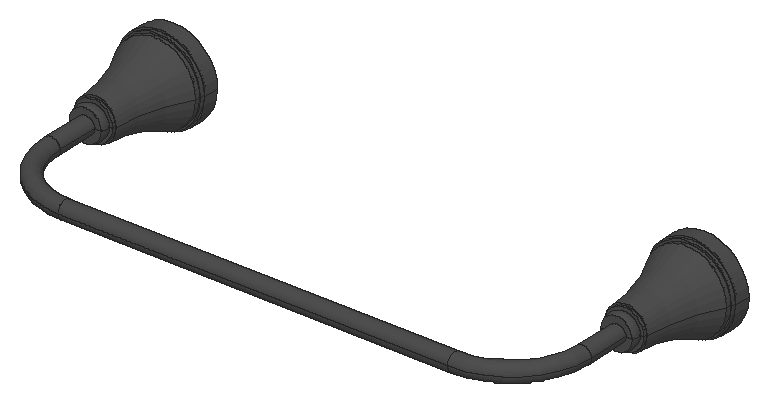
Revit family "Reece_Accessory_Kado_Era_Single Towel Rail", category Plumbing Fixtures, Revit 2018
Family settings
  Round Connector Dimension = Use Diameter
  Part Type = Normal
  Work Plane-Based = Yes
  Always vertical = Yes
  Cut with Voids When Loaded = Yes
  Shared = Yes
  Room Calculation Point = Yes
Parameters (values of type "300 mm_Matte Black")
  URL = "https://www.reece.com.au/product/-2263723"
  Type Comments = "Accessory"
  Reece_Product_Web Page = "https://www.reece.com.au/product/-2263723"
  Reece_Product_Type = "Accessory"  # constant formula
  Reece_Product_Sub Brand = "Era"  # constant formula
  Reece_Product_Number = "2263723"
  Reece_Product_Mount = "Wall Mounted"
  Reece_Product_Description = "Kado Era Single Towel Rail 300mm Matte Black"
  Reece_Product_Brand = "Kado"  # constant formula
  Reece_Overall_Width = 131 mm  # constant formula
  Reece_Overall_Length = 350 mm
  Reece_Overall_Height = 50 mm  # constant formula
  Reece_Material_Main = Reece_Brass_Matte Black
  Reece_Height_From_Level [instance] = 1000 mm
  Reece_Fixing_Point_Width = 300 mm
  Reece_Detail_Installation = "Wall Mounted"  # constant formula
  Reece_Detail_Disclaimer = "THIS FILE IS THE PROPERTY OF THE REECE GROUP. IT MAY NOT BE REPRODUCED, REVERSE-ENGINEERED OR MODIFIED. ANY REPUBLICATION, TRANSMISSION OR DISTRIBUTION FOR THE PURPOSE OF COMMERCIALLY EXPLOITING THE FILES IS PROHIBITED."  # constant formula
  Reece_Detail_Additional = "Single Towel Rail"  # constant formula
  Model = "Era"
  Manufacturer = "Kado"
  Keynote = "Product #2263723, Reece_Accessory_Kado_Era_Single Towel Rail - 300 mm_Matte Black"
  Disclaimer = "THIS FILE IS THE PROPERTY OF THE REECE GROUP. IT MAY NOT BE REPRODUCED, REVERSE-ENGINEERED OR MODIFIED. ANY REPUBLICATION, TRANSMISSION OR DISTRIBUTION FOR THE PURPOSE OF COMMERCIALLY EXPLOITING THE FILES IS PROHIBITED."  # constant formula
  Description = "Kado Era Single Towel Rail 300mm Matte Black"
  Default Elevation = 0 mm
Types (16, lengths in mm): name | URL | Reece_Product_Web Page | Reece_Product_Number | Reece_Product_Description | Reece_Overall_Length | Reece_Material_Main | Reece_Fixing_Point_Width | Keynote | Description
  (no name) | "https://www.reece.com.au/product/-9512109" | "https://www.reece.com.au/product/-9512109" | "9512109" | "Kado Era Single Towel Rail 300mm Brushed Nickel" | 350 | Reece_Brass_Brushed Nickel | 300 | "Product #9512109, Reece_Accessory_Kado_Era_Single Towel Rail -  " | "Kado Era Single Towel Rail 300mm Brushed Nickel"
  750 mm_Chrome | "https://www.reece.com.au/product/-9507715" | "https://www.reece.com.au/product/-9507715" | "9507715" | "Kado Era Single Towel Rail 750mm Chrome" | 800 | Reece_Brass_Chrome | 750 | "Product #9507715, Reece_Accessory_Kado_Era_Single Towel Rail - 750 mm_Chrome" | "Kado Era Single Towel Rail 750mm Chrome"
  750 mm_Matte Black | "https://www.reece.com.au/product/-2263725" | "https://www.reece.com.au/product/-2263725" | "2263725" | "Kado Era Single Towel Rail 750mm Matte Black" | 800 | Reece_Brass_Matte Black | 750 | "Product #2263725, Reece_Accessory_Kado_Era_Single Towel Rail - 750 mm_Matte Black" | "Kado Era Single Towel Rail 750mm Matte Black"
  900 mm_Brass Gold | "https://www.reece.com.au/product/-9507716" | "https://www.reece.com.au/product/-9507716" | "9507716" | "Kado Era Single Towel Rail 900mm Brass Gold" | 950 | Reece_Brass_Gold | 900 | "Product #9507716, Reece_Accessory_Kado_Era_Single Towel Rail - 900 mm_Brass Gold" | "Kado Era Single Towel Rail 900mm Brass Gold"
  750 mm_Brass Gold | "https://www.reece.com.au/product/-9507714" | "https://www.reece.com.au/product/-9507714" | "9507714" | "Kado Era Single Towel Rail 750mm Brass Gold" | 800 | Reece_Brass_Gold | 750 | "Product #9507714, Reece_Accessory_Kado_Era_Single Towel Rail - 750 mm_Brass Gold" | "Kado Era Single Towel Rail 750mm Brass Gold"
  900 mm_Chrome | "https://www.reece.com.au/product/-9507717" | "https://www.reece.com.au/product/-9507717" | "9507717" | "Kado Era Single Towel Rail 900mm Chrome" | 950 | Reece_Brass_Chrome | 900 | "Product #9507717, Reece_Accessory_Kado_Era_Single Towel Rail - 900 mm_Chrome" | "Kado Era Single Towel Rail 900mm Chrome"
  300 mm_Brass Gold | "https://www.reece.com.au/product/-9507724" | "https://www.reece.com.au/product/-9507724" | "9507724" | "Kado Era Single Towel Rail 300mm Brass Gold" | 350 | Reece_Brass_Gold | 300 | "Product #9507724, Reece_Accessory_Kado_Era_Single Towel Rail - 300 mm_Brass Gold" | "Kado Era Single Towel Rail 300mm Brass Gold"
  300 mm_Chrome | "https://www.reece.com.au/product/-9507725" | "https://www.reece.com.au/product/-9507725" | "9507725" | "Kado Era Single Towel Rail 300mm Chrome" | 350 | Reece_Brass_Chrome | 300 | "Product #9507725, Reece_Accessory_Kado_Era_Single Towel Rail - 300 mm_Chrome" | "Kado Era Single Towel Rail 300mm Chrome"
  300 mm_Matte Black | "https://www.reece.com.au/product/-2263723" | "https://www.reece.com.au/product/-2263723" | "2263723" | "Kado Era Single Towel Rail 300mm Matte Black" | 350 | Reece_Brass_Matte Black | 300 | "Product #2263723, Reece_Accessory_Kado_Era_Single Towel Rail - 300 mm_Matte Black" | "Kado Era Single Towel Rail 300mm Matte Black"
  600 mm_Chrome | "https://www.reece.com.au/product/-9507713" | "https://www.reece.com.au/product/-9507713" | "9507713" | "Kado Era Single Towel Rail 600mm Chrome" | 650 | Reece_Brass_Chrome | 600 | "Product #9507713, Reece_Accessory_Kado_Era_Single Towel Rail - 600 mm_Chrome" | "Kado Era Single Towel Rail 600mm Chrome"
  600 mm_Brass Gold | "https://www.reece.com.au/product/-9507712" | "https://www.reece.com.au/product/-9507712" | "9507712" | "Kado Era Single Towel Rail 600mm Brass Gold" | 650 | Reece_Brass_Gold | 600 | "Product #9507712, Reece_Accessory_Kado_Era_Single Towel Rail - 600 mm_Brass Gold" | "Kado Era Single Towel Rail 600mm Brass Gold"
  600 mm_Matte Black | "https://www.reece.com.au/product/-2263724" | "https://www.reece.com.au/product/-2263724" | "2263724" | "Kado Era Single Towel Rail 600mm Matte Black" | 650 | Reece_Brass_Matte Black | 600 | "Product #2263724, Reece_Accessory_Kado_Era_Single Towel Rail - 600 mm_Matte Black" | "Kado Era Single Towel Rail 600mm Matte Black"
  300 mm_Brushed Nickel | "https://www.reece.com.au/product/-9512109" | "https://www.reece.com.au/product/-9512109" | "9512109" | "Kado Era Single Towel Rail 300mm Brushed Nickel" | 350 | Reece_Brass_Brushed Nickel | 300 | "Product #9512109, Reece_Accessory_Kado_Era_Single Towel Rail - 300 mm_Brushed Nickel" | "Kado Era Single Towel Rail 300mm Brushed Nickel"
  600 mm_Brushed Nickel | "https://www.reece.com.au/product/-9512110" | "https://www.reece.com.au/product/-9512110" | "9512110" | "Kado Era Single Towel Rail 600mm Brushed Nickel" | 650 | Reece_Brass_Brushed Nickel | 600 | "Product #9512110, Reece_Accessory_Kado_Era_Single Towel Rail - 600 mm_Brushed Nickel" | "Kado Era Single Towel Rail 600mm Brushed Nickel"
  750 mm_Brushed Nickel | "https://www.reece.com.au/product/-9512111" | "https://www.reece.com.au/product/-9512111" | "9512111" | "Kado Era Single Towel Rail 750mm Brushed Nickel" | 800 | Reece_Brass_Brushed Nickel | 750 | "Product #9512111, Reece_Accessory_Kado_Era_Single Towel Rail - 750 mm_Brushed Nickel" | "Kado Era Single Towel Rail 750mm Brushed Nickel"
  900 mm_Brushed Nickel | "https://www.reece.com.au/product/-9512112" | "https://www.reece.com.au/product/-9512112" | "9512112" | "Kado Era Single Towel Rail 900mm Brushed Nickel" | 950 | Reece_Brass_Brushed Nickel | 900 | "Product #9512112, Reece_Accessory_Kado_Era_Single Towel Rail - 900 mm_Brushed Nickel" | "Kado Era Single Towel Rail 900mm Brushed Nickel"
Reference planes
  plane 1 "Center (Front/Back)": y = 0
  plane 2 "Bottom Host Plane": z = -5
  plane 3 "Center (Left/Right)": x = 0
  plane 4 "Height From Floor": z = 1000
  plane 5 "Top": z = 1025
  plane 6 "Bottom": z = 975
  plane 7: y = -131
  plane 8: x = -150
  plane 9: x = 150
  plane 10: x = -175
  plane 11: x = 175
Forms (mm)
  Sweep 1, solid, material "Reece_Brass_Matte Black" <- "Reece_Material_Main"
    path origin (0, 0, 1000) x (-1, 0, 0) y (0, -1, 0)
      loop
        line (155, 61) -> (155, 86)
        arc (155, 86) -> (141.82, 117.82) -> (110, 131) r 45
        line (110, 131) -> (-110, 131)
        arc (-110, 131) -> (-141.82, 117.82) -> (-155, 86) r 45
        line (-155, 86) -> (-155, 61)
    profile origin (-155, -73.5, 1000) x (1, 0, 0) y (0, 0, 1)
      loop
        circle (5, 0) r 5
  Revolve 2, solid, material "Reece_Brass_Matte Black" <- "Reece_Material_Main"
    sketch origin (79.75, 0, 1000) x (-1, 0, 0) y (0, -1, 0)
      loop
        line (254.75, 0) -> (254.75, 8.5) -> (253.95, 8.5) -> (253.95, 10.5) -> (252.95, 10.5) -> (252.95, 12.8)
        arc (252.95, 12.8) -> (244.69, 33.044) -> (241.675, 54.7) r 88
        line (241.675, 54.7) -> (240.8, 54.7) -> (240.8, 56.2) -> (238.65, 56.2)
        arc (238.65, 56.2) -> (239.2, 58.925) -> (238.65, 61.65) r 7.026
        line (238.65, 61.65) -> (229.75, 61.65) -> (229.75, 0) -> (254.75, 0)
      axis (229.75, 0) -> (229.75, 61.65)
    angle from 0 to 360
  Revolve 3, solid, material "Reece_Brass_Matte Black" <- "Reece_Material_Main"
    sketch origin (-79.75, 0, 1000) x (-1, 0, 0) y (0, -1, 0)
      loop
        line (-254.75, 0) -> (-229.75, 0) -> (-229.75, 61.65) -> (-238.65, 61.65)
        arc (-238.65, 61.65) -> (-239.2, 58.925) -> (-238.65, 56.2) r 7.026
        line (-238.65, 56.2) -> (-240.8, 56.2) -> (-240.8, 54.7) -> (-241.675, 54.7)
        arc (-241.675, 54.7) -> (-244.69, 33.044) -> (-252.95, 12.8) r 88
        line (-252.95, 12.8) -> (-252.95, 10.5) -> (-253.95, 10.5) -> (-253.95, 8.5) -> (-254.75, 8.5) -> (-254.75, 0)
      axis (-229.75, 0) -> (-229.75, 61.65)
    angle from 0 to 360
Cuts and joins
  joined: Sweep 1, Revolve 2, Revolve 3
Lines and regions (mm)
  model lines, style "InvisibleLines"
    curve 1: line (0, 0, -5) -> (0, 0, 1000)
Text (mm)
  text "Reece ©" at (2668.853, -2395.367, 2952.593), in view "Reece Preview"
  text "Reece Copyright © 2018, Reece Ltd." at (-247.475, -190.626, 0), in view "Ref. Level"
Dimensions and locks
  plane 2 "Bottom Host Plane" to level = 5 mm
  locked: level to plane 2 "Bottom Host Plane" at 5
  "Reece_Height_From_Level": plane 4 "Height From Floor" to level
  "Reece_Overall_Height": plane 5 "Top" to plane 6 "Bottom"
  equal spacing: plane 8, plane 3 "Center (Left/Right)", plane 9
  "Reece_Fixing_Point_Width": plane 8 to plane 9
  locked: plane 5 "Top" to plane 4 "Height From Floor" at 25
  "Reece_Overall_Width": plane 7 to plane 1 "Center (Front/Back)"
  "Reece_Overall_Length": plane 11 to plane 10
  equal spacing: plane 11, plane 3 "Center (Left/Right)", plane 10
  aligned and locked: plane 2 "Bottom Host Plane" to curve 1
  aligned and locked: plane 4 "Height From Floor" to curve 1
Automatic sketch dimensions
  curve 1 to plane 3 "Center (Left/Right)" = 0 mm
  plane 1 "Center (Front/Back)" to Revolve 3 sketch curve = 0 mm
  Revolve 3 sketch curve to plane 9 = 0 mm  (x2)
  Revolve 3 sketch curve to Revolve 3 sketch curve = 2.15 mm
  Revolve 3 sketch curve to Revolve 3 sketch curve = 0.875 mm
  plane 1 "Center (Front/Back)" to Revolve 3 sketch curve = 12.8 mm
  Revolve 3 sketch curve to Revolve 3 sketch curve = 1 mm
  Revolve 3 sketch curve to Revolve 3 sketch curve = 0.8 mm
  plane 1 "Center (Front/Back)" to Revolve 3 sketch curve = 55.911 mm
  Revolve 3 sketch curve to Revolve 3 sketch curve = 76.717 mm
  Revolve 3 sketch curve to Revolve 3 sketch curve = 4.3 mm
  Revolve 3 sketch curve to Revolve 3 sketch curve = 2 mm
  Revolve 3 sketch curve to Revolve 3 sketch curve = 1.5 mm
  Revolve 3 sketch curve to Revolve 3 sketch curve = 2.725 mm
  Revolve 3 sketch curve to plane 1 "Center (Front/Back)" = 12.283 mm
  plane 7 to Revolve 3 sketch curve = 22.783 mm
  plane 1 "Center (Front/Back)" to Revolve 2 sketch curve = 0 mm
  Revolve 2 sketch curve to plane 8 = 0 mm  (x2)
  Revolve 2 sketch curve to Revolve 2 sketch curve = 2.15 mm
  Revolve 2 sketch curve to Revolve 2 sketch curve = 0.875 mm
  plane 1 "Center (Front/Back)" to Revolve 2 sketch curve = 12.8 mm
  Revolve 2 sketch curve to Revolve 2 sketch curve = 1 mm
  Revolve 2 sketch curve to Revolve 2 sketch curve = 0.8 mm
  plane 1 "Center (Front/Back)" to Revolve 2 sketch curve = 55.911 mm
  Revolve 2 sketch curve to Revolve 2 sketch curve = 76.717 mm
  Revolve 2 sketch curve to Revolve 2 sketch curve = 4.3 mm
  Revolve 2 sketch curve to Revolve 2 sketch curve = 2 mm
  Revolve 2 sketch curve to Revolve 2 sketch curve = 1.5 mm
  Revolve 2 sketch curve to Revolve 2 sketch curve = 2.725 mm
  Revolve 2 sketch curve to plane 1 "Center (Front/Back)" = 12.283 mm
  Revolve 2 sketch curve to Revolve 2 sketch curve = 26.067 mm
  plane 8 to Revolve 2 sketch curve = 2.424 mm
  Revolve 2 sketch curve to Revolve 2 sketch curve = 6.476 mm
  Revolve 2 sketch curve to Revolve 2 sketch curve = 0 mm
  Revolve 2 sketch curve to Revolve 2 sketch curve = 23.2 mm
  plane 9 to Revolve 3 sketch curve = 2.424 mm
  Revolve 3 sketch curve to Revolve 3 sketch curve = 6.476 mm
  Revolve 3 sketch curve to Revolve 3 sketch curve = 0 mm
  Revolve 3 sketch curve to Revolve 3 sketch curve = 23.2 mm
  Sweep 1 sketch curve to plane 7 = 0 mm
  plane 9 to Sweep 1 sketch curve = 5 mm
  Sweep 1 sketch curve to plane 9 = 40 mm
  Sweep 1 sketch curve to plane 8 = 40 mm
  plane 8 to Sweep 1 sketch curve = 5 mm
  Sweep 1 sketch curve to Sweep 1 sketch curve = 25 mm  (x2)
  Sweep 1 sketch curve to plane 4 "Height From Floor" = 0 mm
  Sweep 1 sketch curve to profile plane = 5 mm
  radius of Sweep 1 sketch curve = 5 mm
